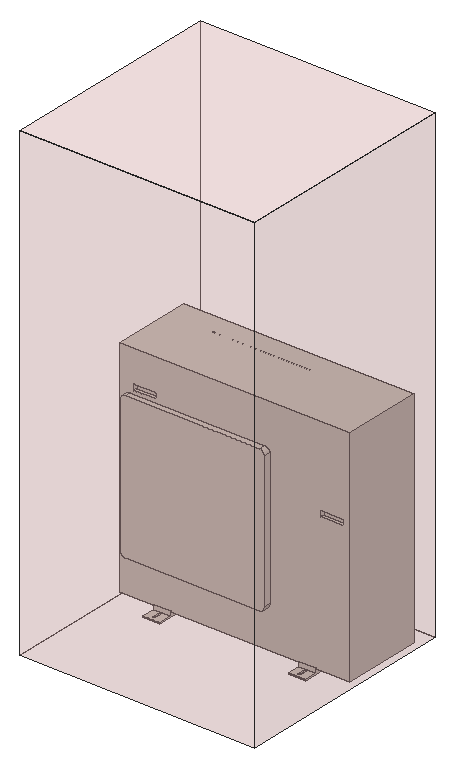
Revit family "PUZ-ZM71VHA2(-ET,ER)", category Mechanical Equipment, Revit 2018
Family settings
  Round Connector Dimension = Use Diameter
  Part Type = Normal
  OmniClass Number = 23.75.00.00
  OmniClass Title = Climate Control (HVAC)
  Work Plane-Based = No
  Always vertical = Yes
  Cut with Voids When Loaded = No
  Shared = No
  Room Calculation Point = No
Parameters (values of type "PUZ-ZM71VHA2(-ET,ER)")
  Width (mm) = 950.000 mm
  Width (in) = "37-13/32"
  WarrantyStart = ""
  Unit Weight (lbS) = "148"
  TagNumber = 0
  SerialNumber = 0
  ReplacementYear = ""
  Refrigerant control = "Linear Expansion Valve"
  Refrigerant charge (lb) = "6.2"
  Refrigerant charge (kg) = 2.8
  Refrigerant Piping length Between the indoor and outdoor unit(m) = "Maximum 55"
  Refrigerant Piping Height difference Between the indoor and outdoor unit(m) = "Maximum 30"
  Refrigerant Oil (Model) (L) = "0.70 (FW68S)"
  Model = "PUZ-ZM71VHA2(-ET,ER)"
  Voltage = 230 V
  Unit Weight (kg) = 67
  URL = "http://www.mitsubishielectric.com/"
  Subcategory = "HVAC"
  Space View = yes
  Refrigerant type = "R32"
  Phase = 1
  Maxmum current (A) = 19 A
  Manufacturer = "Mitsubishi Electric Corporation"
  Liquid pipe_diameter (mm) = 9.520 mm
  Liquid pipe_diameter (in) = "3/8"
  InstallationDate = ""
  Hertz = 50 Hz
  Height (mm) = 943.000 mm
  Height (in) = "37-1/8"
  Heating Sound pressure level (SPL) (dB) = 47
  Heat exchanger = "Plate fin coill"
  Gas pipe_diameter (mm) = 15.880 mm
  Gas pipe_diameter (in) = "5/8"
  Fan drive = "Propeller fan"
  Fan No. = "1"
  Fan Motor Output (kW) = 0.074
  Fan Airflow (m3/min) (CFM) = "55 (1940)"
  External Finish = "Munsell 3Y 7.8/1.1"
  Equip_description = ""
  Equip_No. = 0
  Equip_ID = ""
  Description_ = ""
  Depth (mm)_ = "300+25"
  Depth (in) = "13+1-3/16"
  Defrost method = "Reverse cycle"
  CreatedOn = ""
  CreatedBy = ""
  Crankcase heater = "-"
  Cooling Sound pressure level (SPL) (dB) = 49
  Connection method Outdoor side = "Flared"
  Connection method  Indoor side = "Flared"
  Compressor Starter type = "Inverter"
  Compressor Protection devices = "HP switch, Comp. surface thermo, Discharge thermo, Over current detection"
  Compressor Motor Output (kW) = 1.25
  Compressor Model = "SVB172FFUM1"
  Compressor = "Hermetic"
  Category = ""
  Barcode = ""
  AssetIdentifier = ""
Reference planes
  plane 1 "Center (Front/Back)": y = 0
  plane 2: z = 0
  plane 3 "Center (Left/Right)": x = 0
  plane 4: y = 165
  plane 5 "R": x = 475
  plane 6: y = -165
  plane 7 "LEFT": x = -475
  plane 8 "TOP": z = 943
  plane 9: x = -153
  plane 10: z = 473
  plane 11: x = 434
  plane 12: x = 378
  plane 13: y = -104
  plane 14: y = -124
  plane 15 "UNDER": z = 23
  plane 16: y = 54
  plane 17: y = 135
  plane 18: x = -445
  plane 19: x = -225
  plane 20: x = -80
  plane 21: x = 65
  plane 22: x = 210
  plane 23: z = 663
Forms (mm)
  Extrusion 1, solid, material "Paint_3Y 7.8/ 1.1"
    sketch origin (24.944, 4.915, 0) x (1, 0, 0) y (0, 1, 0)
      loop
        line (-499.944, 160.085) -> (-499.944, -169.915) -> (450.056, -169.915) -> (450.056, 160.085) -> (-499.944, 160.085)
    from 23 to 943
  Extrusion 2, void
    sketch origin (-445.511, 165, 0) x (-1, 0, 0) y (0, 0, -1)
      loop
        line (-719.9, -62.088) -> (-719.9, -892.296) -> (-90.6, -892.296) -> (-90.6, -62.088) -> (-719.9, -62.088)
    from -153.27 to 20
  Extrusion 3, solid, material "Service space", visible <- "Space View"
    sketch origin (6.687, 16.028, 0) x (1, 0, 0) y (0, 1, 0)
      loop
        line (478.313, 248.972) -> (-491.687, 248.972) -> (-491.688, -681.028) -> (478.312, -681.028) -> (478.313, 248.972)
    from 1943 to -1
  Extrusion 4, solid, material "Paint_3Y 7.8/ 1.1"
    sketch origin (470.431, -165, 0) x (-1, 0, 0) y (0, 0, -1)
      loop
        line (920.431, -753) -> (920.431, -193)
        arc (920.431, -193) -> (914.573, -178.858) -> (900.431, -173) r 20
        line (900.431, -173) -> (346.431, -173)
        arc (346.431, -173) -> (332.289, -178.858) -> (326.431, -193) r 20
        line (326.431, -193) -> (326.431, -753)
        arc (326.431, -753) -> (332.289, -767.142) -> (346.431, -773) r 20
        line (346.431, -773) -> (900.431, -773)
        arc (900.431, -773) -> (914.573, -767.142) -> (920.431, -753) r 20
    from 0 to 25
  Extrusion 5, solid
    sketch origin (24.944, 4.915, 0) x (1, 0, 0) y (0, 1, 0)
      loop
        circle (-370.55, 157.644) r 2
      loop
        circle (-218.55, 157.644) r 2
      loop
        circle (-66.55, 157.644) r 2
      loop
        circle (85.45, 157.644) r 2
      loop
        circle (237.45, 157.644) r 2
    from 62.088 to 892.296
  Extrusion 6, solid
    sketch origin (-450.056, 4.915, 0) x (0, 1, 0) y (0, 0, 1)
      loop
        circle (157.644, 75.98) r 2
      loop
        circle (157.644, 273.98) r 2
      loop
        circle (157.644, 481.98) r 2
      loop
        circle (157.644, 689.98) r 2
      loop
        circle (157.644, 884.443) r 2
    from 95.145 to 724.445
  Extrusion 7, solid, material "Copper"
    sketch origin (-15.056, 4.915, 0) x (1, 0, 0) y (0, 1, 0)
      loop
        circle (393.056, -129.915) r 4.76
    from 447 to 537.741
  Extrusion 8, solid, material "Copper"
    sketch origin (24.944, 11.915, 0) x (1, 0, 0) y (0, 1, 0)
      loop
        circle (409.056, -115.915) r 7.94
    from 433 to 537.741
  Extrusion 9, solid
    sketch origin (470.431, -165, -47.5) x (-1, 0, 0) y (0, 0, -1)
      loop
        line (258.262, -673) -> (118.262, -673) -> (118.262, -748) -> (258.262, -748) -> (258.262, -673)
    from -75 to -70
  Extrusion 10, void
    sketch origin (470.431, -165, 0) x (-1, 0, 0) y (0, 0, -1)
      loop
        arc (113.014, -615.217) -> (114.428, -614.631) -> (115.014, -613.217) r 2
        line (115.014, -613.217) -> (115.014, -592.217)
        arc (115.014, -592.217) -> (114.428, -590.803) -> (113.014, -590.217) r 2
        line (113.014, -590.217) -> (22.014, -590.217)
        arc (22.014, -590.217) -> (20.6, -590.803) -> (20.014, -592.217) r 2
        line (20.014, -592.217) -> (20.014, -613.217)
        arc (20.014, -613.217) -> (20.6, -614.631) -> (22.014, -615.217) r 2
        line (22.014, -615.217) -> (113.014, -615.217)
    from -15 to 0
  Extrusion 11, void
    sketch origin (-450.056, 165, 0) x (1, 0, 0) y (0, 0, -1)
      loop
        arc (900.473, -648.587) -> (901.888, -648.001) -> (902.473, -646.587) r 2
        line (902.473, -646.587) -> (902.473, -625.587)
        arc (902.473, -625.587) -> (901.888, -624.173) -> (900.473, -623.587) r 2
        line (900.473, -623.587) -> (809.473, -623.587)
        arc (809.473, -623.587) -> (808.059, -624.173) -> (807.473, -625.587) r 2
        line (807.473, -625.587) -> (807.473, -646.587)
        arc (807.473, -646.587) -> (808.059, -648.001) -> (809.473, -648.587) r 2
        line (809.473, -648.587) -> (900.473, -648.587)
    from -15 to 0
  Extrusion 12, void
    sketch origin (-450.056, 165, 0) x (1, 0, 0) y (0, 0, -1)
      loop
        line (-24.944, -641.249) -> (20.556, -641.249)
        arc (20.556, -641.249) -> (21.97, -640.663) -> (22.556, -639.249) r 2
        line (22.556, -639.249) -> (22.556, -618.204)
        arc (22.556, -618.204) -> (21.97, -616.79) -> (20.556, -616.204) r 2
        line (20.556, -616.204) -> (-24.944, -616.204) -> (-24.944, -641.249)
    from -15 to 0
  Extrusion 13, void
    sketch origin (-475, 149.915, 0) x (0, 1, 0) y (0, 0, -1)
      loop
        line (15.085, -641.249) -> (15.085, -616.249) -> (-30.415, -616.249)
        arc (-30.415, -616.249) -> (-31.83, -616.835) -> (-32.415, -618.249) r 2
        line (-32.415, -618.249) -> (-32.415, -639.249)
        arc (-32.415, -639.249) -> (-31.83, -640.663) -> (-30.415, -641.249) r 2
        line (-30.415, -641.249) -> (15.085, -641.249)
    from -15 to 0
  Extrusion 14, void
    sketch origin (6.526, 0, 23) x (-1, 0, 0) y (0, -1, 0)
      loop
        circle (451.526, -54) r 16.5
      loop
        circle (231.526, -135) r 16.5
      loop
        circle (86.526, -135) r 16.5
      loop
        circle (-58.474, -135) r 16.5
      loop
        circle (-203.474, -135) r 16.5
    from -10 to 20
  Extrusion 15, void
    sketch origin (-302.309, -165, 197.055) x (-1, 0, 0) y (0, 0, -1)
      loop
        arc (113.014, -615.217) -> (114.428, -614.631) -> (115.014, -613.217) r 2
        line (115.014, -613.217) -> (115.014, -592.217)
        arc (115.014, -592.217) -> (114.428, -590.803) -> (113.014, -590.217) r 2
        line (113.014, -590.217) -> (22.014, -590.217)
        arc (22.014, -590.217) -> (20.6, -590.803) -> (20.014, -592.217) r 2
        line (20.014, -592.217) -> (20.014, -613.217)
        arc (20.014, -613.217) -> (20.6, -614.631) -> (22.014, -615.217) r 2
        line (22.014, -615.217) -> (113.014, -615.217)
    from -15 to 0
Cuts and joins
  Extrusion 2, Extrusion 10, Extrusion 11, Extrusion 12, Extrusion 13, Extrusion 14, Extrusion 15 cuts Extrusion 1
Lines and regions (mm)
  model lines
    curve 1: line (-434.925, 50.334, 943) -> (436.725, 50.334, 943)
    curve 2: line (-449.925, -14.666, 943) -> (-449.925, 35.334, 943)
    curve 3: line (436.725, -29.666, 943) -> (-434.925, -29.666, 943)
    curve 4: line (451.725, 35.334, 943) -> (451.725, -14.666, 943)
    curve 5: line (-434.925, 65.334, 943) -> (436.725, 65.334, 943)
    curve 6: line (-449.925, 130.334, 943) -> (-449.925, 80.334, 943)
    curve 7: line (436.725, 145.334, 943) -> (-434.925, 145.334, 943)
    curve 8: line (451.725, 80.334, 943) -> (451.725, 130.334, 943)
    curve 9: line (-434.925, -44.666, 943) -> (436.725, -44.666, 943)
    curve 10: line (-449.925, -119.784, 943) -> (-449.925, -59.666, 943)
    curve 11: line (436.725, -134.784, 943) -> (-434.925, -134.784, 943)
    curve 12: line (451.725, -59.666, 943) -> (451.725, -119.784, 943)
    curve 13: line (159, -165, 943) -> (159, -165, 23)
    curve 14: line (159, -165, 160) -> (475, -165, 160)
    curve 15: line (159, -165, 145) -> (475, -165, 145)
    curve 16: line (-430.456, -165, 772.687) -> (123.544, -165, 772.687)
    curve 17: line (143.544, -165, 752.688) -> (143.544, -165, 192.687)
    curve 18: arc (123.544, -165, 772.687) -> (137.686, -165, 766.83) -> (143.544, -165, 752.688) r 20
    curve 19: circle (-153, -190, 473) r 260 normal (0, -1, 0)
    curve 20: line (-293, -190, 773) -> (-293, -190, 173)
    curve 21: line (-283, -190, 773) -> (-283, -190, 173)
    curve 22: line (-273, -190, 773) -> (-273, -190, 173)
    curve 23: line (-263, -190, 773) -> (-263, -190, 173)
    curve 24: line (-253, -190, 773) -> (-253, -190, 173)
    curve 25: line (-243, -190, 773) -> (-243, -190, 173)
    curve 26: line (-233, -190, 773) -> (-233, -190, 173)
    curve 27: line (-223, -190, 773) -> (-223, -190, 173)
    curve 28: line (-213, -190, 773) -> (-213, -190, 173)
    curve 29: line (-203, -190, 773) -> (-203, -190, 173)
    curve 30: line (-193, -190, 773) -> (-193, -190, 173)
    curve 31: line (-183, -190, 773) -> (-183, -190, 173)
    curve 32: line (-173, -190, 773) -> (-173, -190, 173)
    curve 33: line (-163, -190, 773) -> (-163, -190, 173)
    curve 34: line (-153, -190, 773) -> (-153, -190, 173)
    curve 35: line (-143, -190, 773) -> (-143, -190, 173)
    curve 36: line (-133, -190, 773) -> (-133, -190, 173)
    curve 37: line (-123, -190, 773) -> (-123, -190, 173)
    curve 38: line (-113, -190, 773) -> (-113, -190, 173)
    curve 39: line (-103, -190, 773) -> (-103, -190, 173)
    curve 40: line (-93, -190, 773) -> (-93, -190, 173)
    curve 41: line (-83, -190, 773) -> (-83, -190, 173)
    curve 42: line (-73, -190, 773) -> (-73, -190, 173)
    curve 43: line (-63, -190, 773) -> (-63, -190, 173)
    curve 44: line (-53, -190, 773) -> (-53, -190, 173)
    curve 45: line (-43, -190, 773) -> (-43, -190, 173)
    curve 46: line (-33, -190, 773) -> (-33, -190, 173)
    curve 47: line (-23, -190, 773) -> (-23, -190, 173)
    curve 48: line (-13, -190, 773) -> (-13, -190, 173)
    curve 49: arc (451.725, 130.334, 943) -> (447.332, 140.941, 943) -> (436.725, 145.334, 943) r 15
    curve 50: arc (436.725, 65.334, 943) -> (447.332, 69.728, 943) -> (451.725, 80.334, 943) r 15
    curve 51: arc (436.725, 50.334, 943) -> (447.332, 45.941, 943) -> (451.725, 35.334, 943) r 15
    curve 52: arc (451.725, -14.666, 943) -> (447.332, -25.272, 943) -> (436.725, -29.666, 943) r 15
    curve 53: arc (436.725, -44.666, 943) -> (447.332, -49.059, 943) -> (451.725, -59.666, 943) r 15
    curve 54: arc (451.725, -119.784, 943) -> (447.332, -130.391, 943) -> (436.725, -134.784, 943) r 15
    curve 55: arc (-434.925, 145.334, 943) -> (-445.532, 140.941, 943) -> (-449.925, 130.334, 943) r 15
    curve 56: arc (-449.925, 80.334, 943) -> (-445.532, 69.728, 943) -> (-434.925, 65.334, 943) r 15
    curve 57: arc (-449.925, 35.334, 943) -> (-445.532, 45.941, 943) -> (-434.925, 50.334, 943) r 15
    curve 58: arc (-449.925, -14.666, 943) -> (-445.532, -25.272, 943) -> (-434.925, -29.666, 943) r 15
    curve 59: arc (-449.925, -59.666, 943) -> (-445.532, -49.059, 943) -> (-434.925, -44.666, 943) r 15
    curve 60: arc (-434.925, -134.784, 943) -> (-445.532, -130.391, 943) -> (-449.925, -119.784, 943) r 15
    curve 61: line (475, -165.144, 160) -> (475, 165, 160)
    curve 62: line (475, -165.144, 145) -> (475, 165, 145)
    curve 63: line (-475, -89.725, 943) -> (-475, -89.725, 23)
    curve 64: line (-475, -1.067, 726.249) -> (-475, -1.067, 906.249)
    curve 65: line (-475, 86.933, 916.249) -> (-475, 70.933, 916.249)
    curve 66: line (-475, 93.933, 723.249) -> (-475, 93.933, 909.249)
    curve 67: line (-475, 70.933, 716.249) -> (-475, 86.933, 716.249)
    curve 68: line (-475, 63.933, 909.249) -> (-475, 63.933, 723.249)
    curve 69: arc (-475, 70.933, 916.249) -> (-475, 65.984, 914.199) -> (-475, 63.933, 909.249) r 7
    curve 70: arc (-475, 93.933, 909.249) -> (-475, 91.883, 914.199) -> (-475, 86.933, 916.249) r 7
    curve 71: arc (-475, 70.933, 716.249) -> (-475, 65.984, 718.299) -> (-475, 63.933, 723.249) r 7
    curve 72: arc (-475, 93.933, 723.249) -> (-475, 91.883, 718.299) -> (-475, 86.933, 716.249) r 7
    curve 73: line (-475, -53.067, 496.249) -> (-475, -69.067, 496.249)
    curve 74: line (-475, -46.067, 303.249) -> (-475, -46.067, 489.249)
    curve 75: line (-475, -69.067, 296.249) -> (-475, -53.067, 296.249)
    curve 76: line (-475, -76.067, 489.249) -> (-475, -76.067, 303.249)
    curve 77: arc (-475, -69.067, 496.249) -> (-475, -74.016, 494.199) -> (-475, -76.067, 489.249) r 7
    curve 78: arc (-475, -46.067, 489.249) -> (-475, -48.117, 494.199) -> (-475, -53.067, 496.249) r 7
    curve 79: arc (-475, -69.067, 296.249) -> (-475, -74.016, 298.299) -> (-475, -76.067, 303.249) r 7
    curve 80: arc (-475, -46.067, 303.249) -> (-475, -48.117, 298.299) -> (-475, -53.067, 296.249) r 7
    curve 81: line (-475, -8.067, 496.249) -> (-475, -24.067, 496.249)
    curve 82: line (-475, -1.067, 303.249) -> (-475, -1.067, 489.249)
    curve 83: line (-475, -24.067, 296.249) -> (-475, -8.067, 296.249)
    curve 84: line (-475, -31.067, 489.249) -> (-475, -31.067, 303.249)
    curve 85: arc (-475, -24.067, 496.249) -> (-475, -29.016, 494.199) -> (-475, -31.067, 489.249) r 7
    curve 86: arc (-475, -1.067, 489.249) -> (-475, -3.117, 494.199) -> (-475, -8.067, 496.249) r 7
    curve 87: arc (-475, -24.067, 296.249) -> (-475, -29.016, 298.299) -> (-475, -31.067, 303.249) r 7
    curve 88: arc (-475, -1.067, 303.249) -> (-475, -3.117, 298.299) -> (-475, -8.067, 296.249) r 7
    curve 89: line (-475, 36.933, 496.249) -> (-475, 20.933, 496.249)
    curve 90: line (-475, 43.933, 303.249) -> (-475, 43.933, 489.249)
    curve 91: line (-475, 20.933, 296.249) -> (-475, 36.933, 296.249)
    curve 92: line (-475, 13.933, 489.249) -> (-475, 13.933, 303.249)
    curve 93: arc (-475, 20.933, 496.249) -> (-475, 15.984, 494.199) -> (-475, 13.933, 489.249) r 7
    curve 94: arc (-475, 43.933, 489.249) -> (-475, 41.883, 494.199) -> (-475, 36.933, 496.249) r 7
    curve 95: arc (-475, 20.933, 296.249) -> (-475, 15.984, 298.299) -> (-475, 13.933, 303.249) r 7
    curve 96: arc (-475, 43.933, 303.249) -> (-475, 41.883, 298.299) -> (-475, 36.933, 296.249) r 7
    curve 97: line (-475, 86.933, 496.249) -> (-475, 70.933, 496.249)
    curve 98: line (-475, 93.933, 303.249) -> (-475, 93.933, 489.249)
    curve 99: line (-475, 70.933, 296.249) -> (-475, 86.933, 296.249)
    curve 100: line (-475, 63.933, 489.249) -> (-475, 63.933, 303.249)
    curve 101: arc (-475, 70.933, 496.249) -> (-475, 65.984, 494.199) -> (-475, 63.933, 489.249) r 7
    curve 102: arc (-475, 93.933, 489.249) -> (-475, 91.883, 494.199) -> (-475, 86.933, 496.249) r 7
    curve 103: arc (-475, 70.933, 296.249) -> (-475, 65.984, 298.299) -> (-475, 63.933, 303.249) r 7
    curve 104: arc (-475, 93.933, 303.249) -> (-475, 91.883, 298.299) -> (-475, 86.933, 296.249) r 7
    curve 105: line (-475, -53.067, 286.249) -> (-475, -69.067, 286.249)
    curve 106: line (-475, -46.067, 93.249) -> (-475, -46.067, 279.249)
    curve 107: line (-475, -69.067, 86.249) -> (-475, -53.067, 86.249)
    curve 108: line (-475, -76.067, 279.249) -> (-475, -76.067, 93.249)
    curve 109: arc (-475, -69.067, 286.249) -> (-475, -74.016, 284.199) -> (-475, -76.067, 279.249) r 7
    curve 110: arc (-475, -46.067, 279.249) -> (-475, -48.117, 284.199) -> (-475, -53.067, 286.249) r 7
    curve 111: arc (-475, -69.067, 86.249) -> (-475, -74.016, 88.299) -> (-475, -76.067, 93.249) r 7
    curve 112: arc (-475, -46.067, 93.249) -> (-475, -48.117, 88.299) -> (-475, -53.067, 86.249) r 7
    curve 113: line (-475, -8.067, 286.249) -> (-475, -24.067, 286.249)
    curve 114: line (-475, -1.067, 93.249) -> (-475, -1.067, 279.249)
    curve 115: line (-475, -24.067, 86.249) -> (-475, -8.067, 86.249)
    curve 116: line (-475, -31.067, 279.249) -> (-475, -31.067, 93.249)
    curve 117: arc (-475, -24.067, 286.249) -> (-475, -29.016, 284.199) -> (-475, -31.067, 279.249) r 7
    curve 118: arc (-475, -1.067, 279.249) -> (-475, -3.117, 284.199) -> (-475, -8.067, 286.249) r 7
    curve 119: arc (-475, -24.067, 86.249) -> (-475, -29.016, 88.299) -> (-475, -31.067, 93.249) r 7
    curve 120: arc (-475, -1.067, 93.249) -> (-475, -3.117, 88.299) -> (-475, -8.067, 86.249) r 7
    curve 121: line (-475, 36.933, 286.249) -> (-475, 20.933, 286.249)
    curve 122: line (-475, 43.933, 93.249) -> (-475, 43.933, 279.249)
    curve 123: line (-475, 20.933, 86.249) -> (-475, 36.933, 86.249)
    curve 124: line (-475, 13.933, 279.249) -> (-475, 13.933, 93.249)
    curve 125: arc (-475, 20.933, 286.249) -> (-475, 15.984, 284.199) -> (-475, 13.933, 279.249) r 7
    curve 126: arc (-475, 43.933, 279.249) -> (-475, 41.883, 284.199) -> (-475, 36.933, 286.249) r 7
    curve 127: arc (-475, 20.933, 86.249) -> (-475, 15.984, 88.299) -> (-475, 13.933, 93.249) r 7
    curve 128: arc (-475, 43.933, 93.249) -> (-475, 41.883, 88.299) -> (-475, 36.933, 86.249) r 7
    curve 129: line (-475, 86.933, 286.249) -> (-475, 70.933, 286.249)
    curve 130: line (-475, 93.933, 93.249) -> (-475, 93.933, 279.249)
    curve 131: line (-475, 70.933, 86.249) -> (-475, 86.933, 86.249)
    curve 132: line (-475, 63.933, 279.249) -> (-475, 63.933, 93.249)
    curve 133: arc (-475, 70.933, 286.249) -> (-475, 65.984, 284.199) -> (-475, 63.933, 279.249) r 7
    curve 134: arc (-475, 93.933, 279.249) -> (-475, 91.883, 284.199) -> (-475, 86.933, 286.249) r 7
    curve 135: arc (-475, 70.933, 86.249) -> (-475, 65.984, 88.299) -> (-475, 63.933, 93.249) r 7
    curve 136: arc (-475, 93.933, 93.249) -> (-475, 91.883, 88.299) -> (-475, 86.933, 86.249) r 7
    curve 137: line (-475, 43.933, 48.249) -> (-475, 43.933, 69.249)
    curve 138: line (-475, 86.933, 76.249) -> (-475, 70.933, 76.249)
    curve 139: line (-475, 93.933, 48.249) -> (-475, 93.933, 69.249)
    curve 140: line (-475, 70.933, 41.249) -> (-475, 86.933, 41.249)
    curve 141: line (-475, 63.933, 69.249) -> (-475, 63.933, 48.249)
    curve 142: arc (-475, 70.933, 76.249) -> (-475, 65.984, 74.199) -> (-475, 63.933, 69.249) r 7
    curve 143: arc (-475, 93.933, 69.249) -> (-475, 91.883, 74.199) -> (-475, 86.933, 76.249) r 7
    curve 144: arc (-475, 70.933, 41.249) -> (-475, 65.984, 43.299) -> (-475, 63.933, 48.249) r 7
    curve 145: arc (-475, 93.933, 48.249) -> (-475, 91.883, 43.299) -> (-475, 86.933, 41.249) r 7
    curve 146: line (-381.299, 165, 916.249) -> (-397.299, 165, 916.249)
    curve 147: line (-374.299, 165, 723.249) -> (-374.299, 165, 909.249)
    curve 148: line (-397.299, 165, 716.249) -> (-381.299, 165, 716.249)
    curve 149: line (-404.299, 165, 909.249) -> (-404.299, 165, 723.249)
    curve 150: arc (-397.299, 165, 916.249) -> (-402.249, 165, 914.199) -> (-404.299, 165, 909.249) r 7
    curve 151: arc (-374.299, 165, 909.249) -> (-376.35, 165, 914.199) -> (-381.299, 165, 916.249) r 7
    curve 152: arc (-404.299, 165, 723.249) -> (-402.249, 165, 718.299) -> (-397.299, 165, 716.249) r 7
    curve 153: arc (-381.299, 165, 716.249) -> (-376.35, 165, 718.299) -> (-374.299, 165, 723.249) r 7
    curve 154: line (-381.299, 165, 496.249) -> (-397.299, 165, 496.249)
    curve 155: line (-374.299, 165, 303.249) -> (-374.299, 165, 489.249)
    curve 156: line (-397.299, 165, 296.249) -> (-381.299, 165, 296.249)
    curve 157: line (-404.299, 165, 489.249) -> (-404.299, 165, 303.249)
    curve 158: arc (-397.299, 165, 496.249) -> (-402.249, 165, 494.199) -> (-404.299, 165, 489.249) r 7
    curve 159: arc (-374.299, 165, 489.249) -> (-376.35, 165, 494.199) -> (-381.299, 165, 496.249) r 7
    curve 160: arc (-404.299, 165, 303.249) -> (-402.249, 165, 298.299) -> (-397.299, 165, 296.249) r 7
    curve 161: arc (-381.299, 165, 296.249) -> (-376.35, 165, 298.299) -> (-374.299, 165, 303.249) r 7
    curve 162: line (-381.299, 165, 286.249) -> (-397.299, 165, 286.249)
    curve 163: line (-374.299, 165, 93.249) -> (-374.299, 165, 279.249)
    curve 164: line (-397.299, 165, 86.249) -> (-381.299, 165, 86.249)
    curve 165: line (-404.299, 165, 279.249) -> (-404.299, 165, 93.249)
    curve 166: arc (-397.299, 165, 286.249) -> (-402.249, 165, 284.199) -> (-404.299, 165, 279.249) r 7
    curve 167: arc (-374.299, 165, 279.249) -> (-376.35, 165, 284.199) -> (-381.299, 165, 286.249) r 7
    curve 168: arc (-404.299, 165, 93.249) -> (-402.249, 165, 88.299) -> (-397.299, 165, 86.249) r 7
    curve 169: arc (-381.299, 165, 86.249) -> (-376.35, 165, 88.299) -> (-374.299, 165, 93.249) r 7
    curve 170: line (-381.299, 165, 76.249) -> (-397.299, 165, 76.249)
    curve 171: line (-374.299, 165, 48.249) -> (-374.299, 165, 69.249)
    curve 172: line (-397.299, 165, 41.249) -> (-381.299, 165, 41.249)
    curve 173: line (-404.299, 165, 69.249) -> (-404.299, 165, 48.249)
    curve 174: arc (-397.299, 165, 76.249) -> (-402.249, 165, 74.199) -> (-404.299, 165, 69.249) r 7
    curve 175: arc (-374.299, 165, 69.249) -> (-376.35, 165, 74.199) -> (-381.299, 165, 76.249) r 7
    curve 176: arc (-404.299, 165, 48.249) -> (-402.249, 165, 43.299) -> (-397.299, 165, 41.249) r 7
    curve 177: arc (-381.299, 165, 41.249) -> (-376.35, 165, 43.299) -> (-374.299, 165, 48.249) r 7
    curve 178: line (357.417, -165, 620.217) -> (448.417, -165, 620.217)
    curve 179: arc (448.417, -165, 620.217) -> (453.367, -165, 618.167) -> (455.417, -165, 613.217) r 7
    curve 180: line (455.417, -165, 613.217) -> (455.417, -165, 592.217)
    curve 181: arc (455.417, -165, 592.217) -> (453.367, -165, 587.268) -> (448.417, -165, 585.217) r 7
    curve 182: line (448.417, -165, 585.217) -> (357.417, -165, 585.217)
    curve 183: arc (357.417, -165, 585.217) -> (352.467, -165, 587.268) -> (350.417, -165, 592.217) r 7
    curve 184: line (350.417, -165, 592.217) -> (350.417, -165, 613.217)
    curve 185: arc (350.417, -165, 613.217) -> (352.467, -165, 618.167) -> (357.417, -165, 620.217) r 7
    curve 186: line (475, 0, 943) -> (475, 0, 23)
    curve 187: arc (457.417, 165, 646.587) -> (455.367, 165, 651.537) -> (450.417, 165, 653.587) r 7
    curve 188: line (450.417, 165, 653.587) -> (359.417, 165, 653.587)
    curve 189: arc (359.417, 165, 653.587) -> (354.467, 165, 651.537) -> (352.417, 165, 646.587) r 7
    curve 190: line (352.417, 165, 646.587) -> (352.417, 165, 625.587)
    curve 191: arc (352.417, 165, 625.587) -> (354.467, 165, 620.637) -> (359.417, 165, 618.587) r 7
    curve 192: line (359.417, 165, 618.587) -> (450.417, 165, 618.587)
    curve 193: arc (450.417, 165, 618.587) -> (455.367, 165, 620.637) -> (457.417, 165, 625.587) r 7
    curve 194: line (457.417, 165, 625.587) -> (457.417, 165, 646.587)
    curve 195: line (-429.5, 165, 646.249) -> (-475, 165, 646.249)
    curve 196: arc (-422.5, 165, 639.249) -> (-424.55, 165, 644.199) -> (-429.5, 165, 646.249) r 7
    curve 197: line (-422.5, 165, 618.204) -> (-422.5, 165, 639.249)
    curve 198: arc (-429.5, 165, 611.204) -> (-424.55, 165, 613.255) -> (-422.5, 165, 618.204) r 7
    curve 199: line (-475, 165, 611.204) -> (-429.5, 165, 611.204)
    curve 200: line (-475, 165, 646.249) -> (-475, 119.5, 646.249)
    curve 201: arc (-475, 119.5, 646.249) -> (-475, 114.55, 644.199) -> (-475, 112.5, 639.249) r 7
    curve 202: line (-475, 112.5, 639.249) -> (-475, 112.5, 618.249)
    curve 203: arc (-475, 112.5, 618.249) -> (-475, 114.55, 613.299) -> (-475, 119.5, 611.249) r 7
    curve 204: line (-475, 119.5, 611.204) -> (-475, 165, 611.204)
    curve 205: line (-475, 36.933, 916.249) -> (-475, 20.933, 916.249)
    curve 206: line (-475, 43.933, 723.249) -> (-475, 43.933, 909.249)
    curve 207: line (-475, 20.933, 716.249) -> (-475, 36.933, 716.249)
    curve 208: line (-475, 13.933, 909.249) -> (-475, 13.933, 723.249)
    curve 209: arc (-475, 20.933, 916.249) -> (-475, 15.984, 914.199) -> (-475, 13.933, 909.249) r 7
    curve 210: arc (-475, 43.933, 909.249) -> (-475, 41.883, 914.199) -> (-475, 36.933, 916.249) r 7
    curve 211: arc (-475, 20.933, 716.249) -> (-475, 15.984, 718.299) -> (-475, 13.933, 723.249) r 7
    curve 212: arc (-475, 43.933, 723.249) -> (-475, 41.883, 718.299) -> (-475, 36.933, 716.249) r 7
    curve 213: line (-475, -8.067, 916.249) -> (-475, -24.067, 916.249)
    curve 214: line (-475, -1.067, 723.249) -> (-475, -1.067, 909.249)
    curve 215: line (-475, -24.067, 716.249) -> (-475, -8.067, 716.249)
    curve 216: line (-475, -31.067, 909.249) -> (-475, -31.067, 723.249)
    curve 217: arc (-475, -24.067, 916.249) -> (-475, -29.016, 914.199) -> (-475, -31.067, 909.249) r 7
    curve 218: arc (-475, -1.067, 909.249) -> (-475, -3.117, 914.199) -> (-475, -8.067, 916.249) r 7
    curve 219: arc (-475, -24.067, 716.249) -> (-475, -29.016, 718.299) -> (-475, -31.067, 723.249) r 7
    curve 220: arc (-475, -1.067, 723.249) -> (-475, -3.117, 718.299) -> (-475, -8.067, 716.249) r 7
    curve 221: line (-475, -53.067, 916.249) -> (-475, -69.067, 916.249)
    curve 222: line (-475, -46.067, 723.249) -> (-475, -46.067, 909.249)
    curve 223: line (-475, -69.067, 716.249) -> (-475, -53.067, 716.249)
    curve 224: line (-475, -76.067, 909.249) -> (-475, -76.067, 723.249)
    curve 225: arc (-475, -69.067, 916.249) -> (-475, -74.016, 914.199) -> (-475, -76.067, 909.249) r 7
    curve 226: arc (-475, -46.067, 909.249) -> (-475, -48.117, 914.199) -> (-475, -53.067, 916.249) r 7
    curve 227: arc (-475, -69.067, 716.249) -> (-475, -74.016, 718.299) -> (-475, -76.067, 723.249) r 7
    curve 228: arc (-475, -46.067, 723.249) -> (-475, -48.117, 718.299) -> (-475, -53.067, 716.249) r 7
    curve 229: line (-475, 36.933, 706.249) -> (-475, 20.933, 706.249)
    curve 230: line (-475, 43.933, 513.249) -> (-475, 43.933, 699.249)
    curve 231: line (-475, 20.933, 506.249) -> (-475, 36.933, 506.249)
    curve 232: line (-475, 13.933, 699.249) -> (-475, 13.933, 513.249)
    curve 233: arc (-475, 20.933, 706.249) -> (-475, 15.984, 704.199) -> (-475, 13.933, 699.249) r 7
    curve 234: arc (-475, 43.933, 699.249) -> (-475, 41.883, 704.199) -> (-475, 36.933, 706.249) r 7
    curve 235: arc (-475, 20.933, 506.249) -> (-475, 15.984, 508.299) -> (-475, 13.933, 513.249) r 7
    curve 236: arc (-475, 43.933, 513.249) -> (-475, 41.883, 508.299) -> (-475, 36.933, 506.249) r 7
    curve 237: line (-475, -8.067, 706.249) -> (-475, -24.067, 706.249)
    curve 238: line (-475, -1.067, 513.249) -> (-475, -1.067, 699.249)
    curve 239: line (-475, -24.067, 506.249) -> (-475, -8.067, 506.249)
    curve 240: line (-475, -31.067, 699.249) -> (-475, -31.067, 513.249)
    curve 241: arc (-475, -24.067, 706.249) -> (-475, -29.016, 704.199) -> (-475, -31.067, 699.249) r 7
    curve 242: arc (-475, -1.067, 699.249) -> (-475, -3.117, 704.199) -> (-475, -8.067, 706.249) r 7
    curve 243: arc (-475, -24.067, 506.249) -> (-475, -29.016, 508.299) -> (-475, -31.067, 513.249) r 7
    curve 244: arc (-475, -1.067, 513.249) -> (-475, -3.117, 508.299) -> (-475, -8.067, 506.249) r 7
    curve 245: line (-475, -53.067, 706.249) -> (-475, -69.067, 706.249)
    curve 246: line (-475, -46.067, 513.249) -> (-475, -46.067, 699.249)
    curve 247: line (-475, -69.067, 506.249) -> (-475, -53.067, 506.249)
    curve 248: line (-475, -76.067, 699.249) -> (-475, -76.067, 513.249)
    curve 249: arc (-475, -69.067, 706.249) -> (-475, -74.016, 704.199) -> (-475, -76.067, 699.249) r 7
    curve 250: arc (-475, -46.067, 699.249) -> (-475, -48.117, 704.199) -> (-475, -53.067, 706.249) r 7
    curve 251: arc (-475, -69.067, 506.249) -> (-475, -74.016, 508.299) -> (-475, -76.067, 513.249) r 7
    curve 252: arc (-475, -46.067, 513.249) -> (-475, -48.117, 508.299) -> (-475, -53.067, 506.249) r 7
    curve 253: line (-475, 36.933, 76.249) -> (-475, 20.933, 76.249)
    curve 254: line (-475, 20.933, 41.249) -> (-475, 36.933, 41.249)
    curve 255: line (-475, 13.933, 69.249) -> (-475, 13.933, 48.249)
    curve 256: arc (-475, 20.933, 76.249) -> (-475, 15.984, 74.199) -> (-475, 13.933, 69.249) r 7
    curve 257: arc (-475, 43.933, 69.249) -> (-475, 41.883, 74.199) -> (-475, 36.933, 76.249) r 7
    curve 258: arc (-475, 20.933, 41.249) -> (-475, 15.984, 43.299) -> (-475, 13.933, 48.249) r 7
    curve 259: arc (-475, 43.933, 48.249) -> (-475, 41.883, 43.299) -> (-475, 36.933, 41.249) r 7
    curve 260: line (-475, -8.067, 76.249) -> (-475, -24.067, 76.249)
    curve 261: line (-475, -1.067, 48.249) -> (-475, -1.067, 69.249)
    curve 262: line (-475, -24.067, 41.249) -> (-475, -8.067, 41.249)
    curve 263: line (-475, -31.067, 69.249) -> (-475, -31.067, 48.249)
    curve 264: arc (-475, -24.067, 76.249) -> (-475, -29.016, 74.199) -> (-475, -31.067, 69.249) r 7
    curve 265: arc (-475, -1.067, 69.249) -> (-475, -3.117, 74.199) -> (-475, -8.067, 76.249) r 7
    curve 266: arc (-475, -24.067, 41.249) -> (-475, -29.016, 43.299) -> (-475, -31.067, 48.249) r 7
    curve 267: arc (-475, -1.067, 48.249) -> (-475, -3.117, 43.299) -> (-475, -8.067, 41.249) r 7
    curve 268: line (-475, -53.067, 76.249) -> (-475, -69.067, 76.249)
    curve 269: line (-475, -46.067, 48.249) -> (-475, -46.067, 69.249)
    curve 270: line (-475, -69.067, 41.249) -> (-475, -53.067, 41.249)
    curve 271: line (-475, -76.067, 69.249) -> (-475, -76.067, 48.249)
    curve 272: arc (-475, -69.067, 76.249) -> (-475, -74.016, 74.199) -> (-475, -76.067, 69.249) r 7
    curve 273: arc (-475, -46.067, 69.249) -> (-475, -48.117, 74.199) -> (-475, -53.067, 76.249) r 7
    curve 274: arc (-475, -69.067, 41.249) -> (-475, -74.016, 43.299) -> (-475, -76.067, 48.249) r 7
    curve 275: arc (-475, -46.067, 48.249) -> (-475, -48.117, 43.299) -> (-475, -53.067, 41.249) r 7
    curve 276: line (432, 165, 340.937) -> (379, 165, 340.937)
    curve 277: line (434, 165, 327.937) -> (434, 165, 338.937)
    curve 278: line (379, 165, 325.937) -> (432, 165, 325.937)
    curve 279: line (377, 165, 338.937) -> (377, 165, 327.937)
    curve 280: arc (434, 165, 338.937) -> (433.414, 165, 340.351) -> (432, 165, 340.937) r 2
    curve 281: arc (432, 165, 325.937) -> (433.414, 165, 326.523) -> (434, 165, 327.937) r 2
    curve 282: arc (379, 165, 340.937) -> (377.586, 165, 340.351) -> (377, 165, 338.937) r 2
    curve 283: arc (377, 165, 327.937) -> (377.586, 165, 326.523) -> (379, 165, 325.937) r 2
    curve 284: line (432, 165, 343.937) -> (379, 165, 343.937)
    curve 285: arc (379, 165, 343.937) -> (375.464, 165, 342.472) -> (374, 165, 338.937) r 5
    curve 286: line (374, 165, 338.937) -> (374, 165, 327.937)
    curve 287: arc (374, 165, 327.937) -> (375.464, 165, 324.401) -> (379, 165, 322.937) r 5
    curve 288: line (379, 165, 322.937) -> (432, 165, 322.937)
    curve 289: arc (432, 165, 322.937) -> (435.536, 165, 324.401) -> (437, 165, 327.937) r 5
    curve 290: line (437, 165, 327.937) -> (437, 165, 338.937)
    curve 291: arc (437, 165, 338.937) -> (435.536, 165, 342.472) -> (432, 165, 343.937) r 5
    curve 292: line (432, 165, 315.937) -> (379, 165, 315.937)
    curve 293: line (434, 165, 302.937) -> (434, 165, 313.937)
    curve 294: line (379, 165, 300.937) -> (432, 165, 300.937)
    curve 295: line (377, 165, 313.937) -> (377, 165, 302.937)
    curve 296: arc (434, 165, 313.937) -> (433.414, 165, 315.351) -> (432, 165, 315.937) r 2
    curve 297: arc (432, 165, 300.937) -> (433.414, 165, 301.523) -> (434, 165, 302.937) r 2
    curve 298: arc (379, 165, 315.937) -> (377.586, 165, 315.351) -> (377, 165, 313.937) r 2
    curve 299: arc (377, 165, 302.937) -> (377.586, 165, 301.523) -> (379, 165, 300.937) r 2
    curve 300: line (432, 165, 318.937) -> (379, 165, 318.937)
    curve 301: arc (379, 165, 318.937) -> (375.464, 165, 317.472) -> (374, 165, 313.937) r 5
    curve 302: line (374, 165, 313.937) -> (374, 165, 302.937)
    curve 303: arc (374, 165, 302.937) -> (375.464, 165, 299.401) -> (379, 165, 297.937) r 5
    curve 304: line (379, 165, 297.937) -> (432, 165, 297.937)
    curve 305: arc (432, 165, 297.937) -> (435.536, 165, 299.401) -> (437, 165, 302.937) r 5
    curve 306: line (437, 165, 302.937) -> (437, 165, 313.937)
    curve 307: arc (437, 165, 313.937) -> (435.536, 165, 317.472) -> (432, 165, 318.937) r 5
    curve 308: line (432, 165, 290.937) -> (379, 165, 290.937)
    curve 309: line (434, 165, 277.937) -> (434, 165, 288.937)
    curve 310: line (379, 165, 275.937) -> (432, 165, 275.937)
    curve 311: line (377, 165, 288.937) -> (377, 165, 277.937)
    curve 312: arc (434, 165, 288.937) -> (433.414, 165, 290.351) -> (432, 165, 290.937) r 2
    curve 313: arc (432, 165, 275.937) -> (433.414, 165, 276.523) -> (434, 165, 277.937) r 2
    curve 314: arc (379, 165, 290.937) -> (377.586, 165, 290.351) -> (377, 165, 288.937) r 2
    curve 315: arc (377, 165, 277.937) -> (377.586, 165, 276.523) -> (379, 165, 275.937) r 2
    curve 316: line (432, 165, 293.937) -> (379, 165, 293.937)
    curve 317: arc (379, 165, 293.937) -> (375.464, 165, 292.472) -> (374, 165, 288.937) r 5
    curve 318: line (374, 165, 288.937) -> (374, 165, 277.937)
    curve 319: arc (374, 165, 277.937) -> (375.464, 165, 274.401) -> (379, 165, 272.937) r 5
    curve 320: line (379, 165, 272.937) -> (432, 165, 272.937)
    curve 321: arc (432, 165, 272.937) -> (435.536, 165, 274.401) -> (437, 165, 277.937) r 5
    curve 322: line (437, 165, 277.937) -> (437, 165, 288.937)
    curve 323: arc (437, 165, 288.937) -> (435.536, 165, 292.472) -> (432, 165, 293.937) r 5
    curve 324: line (432, 165, 265.937) -> (379, 165, 265.937)
    curve 325: line (434, 165, 252.937) -> (434, 165, 263.937)
    curve 326: line (379, 165, 250.937) -> (432, 165, 250.937)
    curve 327: line (377, 165, 263.937) -> (377, 165, 252.937)
    curve 328: arc (434, 165, 263.937) -> (433.414, 165, 265.351) -> (432, 165, 265.937) r 2
    curve 329: arc (432, 165, 250.937) -> (433.414, 165, 251.523) -> (434, 165, 252.937) r 2
    curve 330: arc (379, 165, 265.937) -> (377.586, 165, 265.351) -> (377, 165, 263.937) r 2
    curve 331: arc (377, 165, 252.937) -> (377.586, 165, 251.523) -> (379, 165, 250.937) r 2
    curve 332: line (432, 165, 268.937) -> (379, 165, 268.937)
    curve 333: arc (379, 165, 268.937) -> (375.464, 165, 267.472) -> (374, 165, 263.937) r 5
    curve 334: line (374, 165, 263.937) -> (374, 165, 252.937)
    curve 335: arc (374, 165, 252.937) -> (375.464, 165, 249.401) -> (379, 165, 247.937) r 5
    curve 336: line (379, 165, 247.937) -> (432, 165, 247.937)
    curve 337: arc (432, 165, 247.937) -> (435.536, 165, 249.401) -> (437, 165, 252.937) r 5
    curve 338: line (437, 165, 252.937) -> (437, 165, 263.937)
    curve 339: arc (437, 165, 263.937) -> (435.536, 165, 267.472) -> (432, 165, 268.937) r 5
    curve 340: line (432, 165, 240.937) -> (379, 165, 240.937)
    curve 341: line (434, 165, 227.937) -> (434, 165, 238.937)
    curve 342: line (379, 165, 225.937) -> (432, 165, 225.937)
    curve 343: line (377, 165, 238.937) -> (377, 165, 227.937)
    curve 344: arc (434, 165, 238.937) -> (433.414, 165, 240.351) -> (432, 165, 240.937) r 2
    curve 345: arc (432, 165, 225.937) -> (433.414, 165, 226.523) -> (434, 165, 227.937) r 2
    curve 346: arc (379, 165, 240.937) -> (377.586, 165, 240.351) -> (377, 165, 238.937) r 2
    curve 347: arc (377, 165, 227.937) -> (377.586, 165, 226.523) -> (379, 165, 225.937) r 2
    curve 348: line (432, 165, 243.937) -> (379, 165, 243.937)
    curve 349: arc (379, 165, 243.937) -> (375.464, 165, 242.472) -> (374, 165, 238.937) r 5
    curve 350: line (374, 165, 238.937) -> (374, 165, 227.937)
    curve 351: arc (374, 165, 227.937) -> (375.464, 165, 224.401) -> (379, 165, 222.937) r 5
    curve 352: line (379, 165, 222.937) -> (432, 165, 222.937)
    curve 353: arc (432, 165, 222.937) -> (435.536, 165, 224.401) -> (437, 165, 227.937) r 5
    curve 354: line (437, 165, 227.937) -> (437, 165, 238.937)
    curve 355: arc (437, 165, 238.937) -> (435.536, 165, 242.472) -> (432, 165, 243.937) r 5
    curve 356: line (-353, -190, 773) -> (-353, -190, 173)
    curve 357: line (-343, -190, 773) -> (-343, -190, 173)
    curve 358: line (-333, -190, 773) -> (-333, -190, 173)
    curve 359: line (-323, -190, 773) -> (-323, -190, 173)
    curve 360: line (-313, -190, 773) -> (-313, -190, 173)
    curve 361: line (-303, -190, 773) -> (-303, -190, 173)
    curve 362: line (-383, -190, 773) -> (-383, -190, 173)
    curve 363: line (-373, -190, 773) -> (-373, -190, 173)
    curve 364: line (-363, -190, 773) -> (-363, -190, 173)
    curve 365: line (-403, -190, 773) -> (-403, -190, 173)
    curve 366: line (-393, -190, 773) -> (-393, -190, 173)
    curve 367: line (-423, -190, 773) -> (-423, -190, 173)
    curve 368: line (-413, -190, 773) -> (-413, -190, 173)
    curve 369: line (-443, -190, 768.199) -> (-443, -190, 177.801)
    curve 370: line (-433, -190, 772.774) -> (-433, -190, 173.226)
    curve 371: line (-3, -190, 773) -> (-3, -190, 173)
    curve 372: line (7, -190, 773) -> (7, -190, 173)
    curve 373: line (17, -190, 773) -> (17, -190, 173)
    curve 374: line (27, -190, 773) -> (27, -190, 173)
    curve 375: line (37, -190, 773) -> (37, -190, 173)
    curve 376: line (47, -190, 773) -> (47, -190, 173)
    curve 377: line (57, -190, 773) -> (57, -190, 173)
    curve 378: line (67, -190, 773) -> (67, -190, 173)
    curve 379: line (77, -190, 773) -> (77, -190, 173)
    curve 380: line (87, -190, 773) -> (87, -190, 173)
    curve 381: line (97, -190, 773) -> (97, -190, 173)
    curve 382: line (107, -190, 773) -> (107, -190, 173)
    curve 383: line (117, -190, 773) -> (117, -190, 173)
    curve 384: line (127, -190, 772.774) -> (127, -190, 173.226)
    curve 385: line (137, -190, 768.199) -> (137, -190, 177.801)
    curve 386: line (-450, -190, 748.312) -> (144, -190, 748.312)
    curve 387: line (-450, -190, 673.313) -> (144, -190, 673.312)
    curve 388: line (-450, -190, 573.313) -> (144, -190, 573.312)
    curve 389: line (-450, -190, 473) -> (144, -190, 473)
    curve 390: line (-450, -190, 373.313) -> (144, -190, 373.312)
    curve 391: line (-450, -190, 273.313) -> (144, -190, 273.312)
    curve 392: line (-450, -190, 198.313) -> (144, -190, 198.312)
    curve 393: line (-415.324, -165, 817.273) -> (-324.324, -165, 817.273)
    curve 394: line (-422.324, -165, 789.273) -> (-422.324, -165, 810.273)
    curve 395: line (-324.324, -165, 782.273) -> (-415.324, -165, 782.273)
    curve 396: line (-317.324, -165, 810.273) -> (-317.324, -165, 789.273)
    curve 397: arc (-415.324, -165, 817.273) -> (-420.273, -165, 815.222) -> (-422.324, -165, 810.273) r 7
    curve 398: arc (-422.324, -165, 789.273) -> (-420.273, -165, 784.323) -> (-415.324, -165, 782.273) r 7
    curve 399: arc (-324.324, -165, 782.273) -> (-319.374, -165, 784.323) -> (-317.324, -165, 789.273) r 7
    curve 400: arc (-324.324, -165, 817.273) -> (-319.374, -165, 815.222) -> (-317.324, -165, 810.273) r 7
Dimensions and locks
  plane 5 "R" to plane 7 "LEFT" = 950.000 mm
  plane 9 to plane 7 "LEFT" = 322.000 mm
  cut or joined group 1 (Extrusion 1, Extrusion 2, Extrusion 10, Extrusion 11, Extrusion 12, Extrusion 13, Extrusion 14, Extrusion 15) to level = 23.000 mm
  plane 10 to level = 473.000 mm
  plane 8 "TOP" to level = 943.000 mm
  Extrusion 8 to level = 433.000 mm
  Extrusion 7 to level = 447.000 mm
  Extrusion 4 to plane 6 = 25.000 mm
  plane 4 to plane 6 = 330.000 mm
  plane 7 "LEFT" to nested 1 = 175.000 mm
  nested 1 to nested 2 = 600.000 mm
  nested 2 to plane 5 "R" = 175.000 mm
  plane 11 to cut or joined group 1 = 41.000 mm
  plane 12 to plane 11 = 56.000 mm
  plane 14 to plane 6 = 41.000 mm
  plane 13 to plane 6 = 61.000 mm
  nested 2 to nested 2 = 19.000 mm
  nested 2 to nested 2 = 370.000 mm
  nested 2 to nested 2 = 417.000 mm
  plane 6 to nested 2 = 53.000 mm
  nested 2 to nested 2 = 28.000 mm
  plane 4 to Extrusion 3 = 100.000 mm
  Extrusion 3 to plane 7 "LEFT" = 10.000 mm
  plane 16 to plane 6 = 219.000 mm
  plane 17 to plane 16 = 81.000 mm
  plane 18 to plane 19 = 220.000 mm
  plane 19 to plane 20 = 145.000 mm
  plane 20 to plane 21 = 145.000 mm
  plane 21 to plane 22 = 145.000 mm
  plane 5 "R" to Extrusion 3 = 10.000 mm
  cut or joined group 1 to plane 18 = 30.000 mm
  plane 7 "LEFT" to plane 3 "Center (Left/Right)" to plane 5 "R" = 475.000 mm, 475.000 mm
  plane 6 to plane 1 "Center (Front/Back)" to plane 4 = 165.000 mm, 165.000 mm
  plane 6 to Extrusion 3 = 500.000 mm
  plane 23 to level = 663.000 mm
  radius of Extrusion 8 sketch curve = 7.940 mm
  radius of Extrusion 7 sketch curve = 4.760 mm
  diameter of cut or joined group 1 = 33.000 mm
  diameter of Extrusion 8 = 15.880 mm
  diameter of Extrusion 7 = 9.520 mm
  aligned and locked: level to plane 2
Nested families
  nested 1: "leg" at (-300, -19.35, 0), type "leg"
  nested 2: "leg" at (300, -19.35, 0), type "leg"
Connectors
  electrical at (282.169, -95, 663), driven by "Phase", driven by "Voltage"
    settings: on Extrusion 9, index 1, voltage 230 V, apparent load 0 VA, apparent load phase1 0 VA, apparent load phase2 0 VA, apparent load phase3 0 VA, power factor 1, load classification "その他", number of poles 1, system type 30, power factor state 1, is connector primary yes, connector utility no, sub classification motor no, connector description ""
  piping at (434, -104, 433), diameter 15.88, driven by "Gas pipe_diameter (mm)"
    settings: on Extrusion 8, index 2, connector inside diameter 15.88 mm, connector length 0.000 mm, flow factor 0, pipe flow 0.0 L/s, pressure drop 0.0 Pa, fitting loss kfactor 0, connector angle 0.00°, fixture units 0, engagement length 0.000 mm, angle of deflection 0.00°, flow configuration 0, flow direction 0, fitting loss method 0, system type 22, joint type 0, gender type 0, connector reference index -1, connector utility 0, adjustable connector no, is connector primary no, connector description "GAS Pipe"
  piping at (378, -125, 447), diameter 9.52, driven by "Liquid pipe_diameter (mm)"
    settings: on Extrusion 7, index 3, connector inside diameter 9.52 mm, connector length 0.000 mm, flow factor 0, pipe flow 0.0 L/s, pressure drop 0.0 Pa, fitting loss kfactor 0, connector angle 0.00°, fixture units 0, engagement length 0.000 mm, angle of deflection 0.00°, flow configuration 0, flow direction 0, fitting loss method 0, system type 22, joint type 0, gender type 0, connector reference index -1, connector utility 0, adjustable connector no, is connector primary yes, connector description "Liquid Pipe"
Definition of nested family "leg"
  Parameters (values of type "leg")
    Manufacturer = "Mitsubishi Electric Corporation\r\n"
    Voltage = 0 V
    Unit Weight (kg) = 0
    URL = "http://global.mitsubishielectric.com/"
    Subcategory = "HVAC\r\n"
    Space View = yes
    Sound Pressure Level_Mid2 (dB(A)) = 0
    Sound Pressure Level_Mid1 (dB(A)) = 0
    Sound Pressure Level_Mid (dB(A)) = 0
    Sound Pressure Level_Low (dB(A)) = 0
    Sound Pressure Level_High (dB(A)) = 0
    Sound Pressure Level (dB(A)) = 0
    Refrigerant type = ""
    Refrigerant Charge (kg) = 0
    Protection Devices_Inverter circuit (COMP./FAN) = ""
    Protection Devices_High pressure (MPa) = ""
    Protection Devices_Fan motor = ""
    Protection Devices_Compressor = ""
    Protection Device = ""
    Phase = 1
    Maximum Overcurrent Protection (A) = 0
    Maximum Circuit Ampacity (A) = 0
    Indoor Unit Total Capacity = ""
    Indoor Unit Model/Quantity = ""
    Hertz = 0 Hz
    Heating Power Input (kW) = 0
    Heating Current (A) = 0
    Heating Capacity (BTU) = 0
    Fan_Type = ""
    Fan_Quantity = 0
    Fan Motor Output (kW) = 0
    External Material = ""
    Cooling Power Input (kW) = 0
    Cooling Current (A) = 0
    Cooling Capacity (BTU) = 0
    Connectable Outdoor Unit = ""
    Compressor_Type = ""
    Compressor_Quantity = 0
    Compressor_Lubricant = ""
    Compressor Motor Output (kW) = 0
    Compressor Case Heater (kW) = 0
    Airflow Rate_Mid2 (cfm) = 0
    Airflow Rate_Mid1 (cfm) = 0
    Airflow Rate_Mid (cfm) = 0
    Airflow Rate_Low (cfm) = 0
    Airflow Rate_High (cfm) = 0
    Airflow Rate (cfm) = 0
  Reference planes
    plane 1: z = 0
    plane 2 "中心(左/右)": x = 0
    plane 3: y = -198.65
    plane 4: z = 5
    plane 5: y = 218.35
    plane 6: y = -170.65
    plane 7: y = 199.35
    plane 8: z = 23
    plane 9: z = 18
    plane 10: x = -6
    plane 11: x = 6
    plane 12: y = 9.85
    plane 13: y = -145.65
    plane 14: y = 184.35
  Forms (mm)
    Extrusion 1, solid
      sketch origin (0, 19.7, 0) x (0, -1, 0) y (0, 0, 1)
        loop
          line (218.35, 5) -> (165.35, 5) -> (165.35, 23) -> (-164.65, 23) -> (-164.65, 5) -> (-199, 5) -> (-199, 0) -> (218.35, 0) -> (218.35, 5)
      from 35 to -35
    Extrusion 2, void
      sketch origin (0, 0.35, 0) x (1, 0, 0) y (0, 1, 0)
        loop
          arc (-6, -183) -> (0, -189) -> (6, -183) r 6
          line (6, -183) -> (6, -159)
          arc (6, -159) -> (0, -153) -> (-6, -159) r 6
          line (-6, -159) -> (-6, -183)
        loop
          arc (-6, 199.35) -> (0, 193.35) -> (6, 199.35) r 6
          line (6, 199.35) -> (6, 223.35)
          arc (6, 223.35) -> (0, 229.35) -> (-6, 223.35) r 6
          line (-6, 223.35) -> (-6, 199.35)
      from 0 to 5
  Cuts and joins
    Extrusion 2 cuts Extrusion 1
  Dimensions and locks
    plane 5 to plane 3 = 417.000 mm
    plane 7 to plane 6 = 370.000 mm
    plane 13 to plane 14 = 330.000 mm
    plane 3 to plane 13 = 53.000 mm
    plane 14 to plane 5 = 34.000 mm
